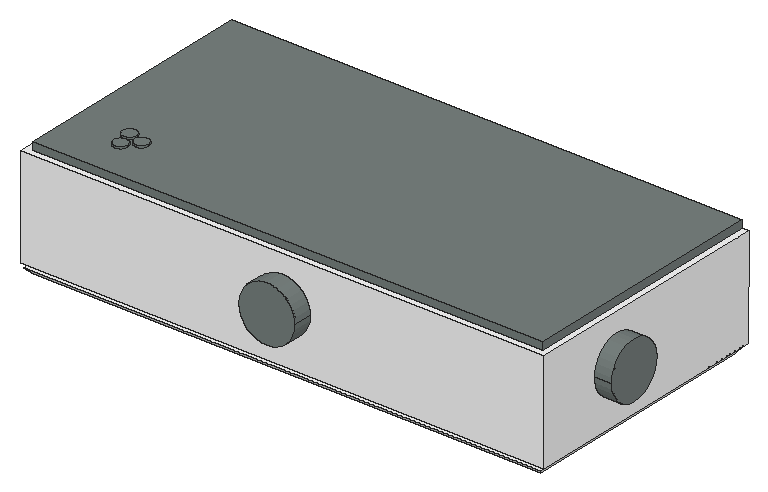
Revit family "AM 150 HHDIDE", category Mechanical Equipment, Revit 2019
Family settings
  Round Connector Dimension = Use Diameter
  Part Type = Normal
  OmniClass Number = 23.75.00.00
  OmniClass Title = Climate Control (HVAC)
  Work Plane-Based = No
  Always vertical = Yes
  Cut with Voids When Loaded = No
  Shared = No
  Room Calculation Point = No
Parameters
  publication date = "09.10.2024"
  Weight (Standard Unit) = 47  # constant formula
  Water Heater Surface Return = 15 mm  # constant formula
  Water Heater Surface IN = 15 mm  # constant formula
  Version number = "1.0"
  URL = "https://www.airmaster-as.com/products/ventilation-units-wall-mounted/am-150"
  Total Width = 1170 mm  # constant formula
  Total Hight = 262 mm  # constant formula
  T-C Duct Supply = 158 mm  # constant formula
  T-C Duct Exhaust = 158 mm  # constant formula
  Supply Air in = 125 mm  # constant formula
  Suply Air In = 160 mm  # constant formula
  Return Air = 125 mm  # constant formula
  R-C Duct Supply = 105 mm  # constant formula
  Phase 1 - Max Power Consumption = "1175 W"
  Phase 1 - Max Current = "7,97 A"
  Nominal current, electrical preheating surface = "4,35 A"
  Nominal current, electrical comfort heating surface = "2,17 A"
  Nominal current, air handling unit = "0,3 A"
  Network Conection = "AWG 24 CAT 5e STP"
  Model = "AM 150 HHDIDE"
  Max. flow rate 35 dB(A) with ePM10 80% filters = 120.00 m³  # constant formula
  Max. flow rate 35 dB(A) with ePM10 55% filters = 137.00 m³  # constant formula
  Max. flow rate 35 dB(A) with ePM10 50% filters = 156.00 m³  # constant formula
  Max. flow rate 30 dB(A) with ePM10 80% filters = 91.00 m³  # constant formula
  Max. flow rate 30 dB(A) with ePM10 55% filters = 98.00 m³  # constant formula
  Max. flow rate 30 dB(A) with ePM10 50% filters = 123.00 m³  # constant formula
  Manufacturer = "Airmaster A/S"
  Maintenance [instance] = no
  L-C Duct Exhaust = 105 mm  # constant formula
  Exhaust Air = 160 mm  # constant formula
  Total Depth = 571 mm  # constant formula
  Electrical connection = "1 ~ 230 V / N / PE / 50 Hz"
  Drawn By = "LSB"
  Condensate = 6 mm  # constant formula
  BMS Panel = "(PTS) 2x2x0,6"
  BMS Out = "(PTS) 2x2x0,6"
  BMS IN = "(PTS) 2x2x0,6"
Reference planes
  plane 1 "Center (Front/Back)": y = 0
  plane 2: z = 0
  plane 3 "Center (Left/Right)": x = 0
  plane 4 "Center L/S": y = -571
  plane 5 "Center L/T": x = -585
  plane 6 "Center L/U": x = 585
  plane 7 "TOP": z = 262
  plane 8 "Center L/V": x = -570
  plane 9 "Center L/W": y = -556
  plane 10 "Center L/X": x = 570
  plane 11 "Panel Buttom": z = 20.747
  plane 12 "Panel Top": z = 246.501
  plane 13 "Hatch": z = 14.5
Forms (mm)
  Extrusion 1, solid, material "AM Grey"
    sketch origin (0, 0, 0) x (1, 0, 0) y (0, 1, 0)
      loop
        line (-570, 0) -> (-570, -556) -> (570, -556) -> (570, 0) -> (-570, 0)
    from 14.5 to 262
  Extrusion 2, solid, material "AM White"
    sketch origin (794.5, -1524, 20.747) x (0, -1, 0) y (-1, 0, 0)
      loop
        line (-1524, 1379.5) -> (-1524, 1364.5) -> (-968, 1364.5) -> (-968, 224.5) -> (-1524, 224.5) -> (-1524, 209.5) -> (-953, 209.5) -> (-953, 1379.5) -> (-1524, 1379.5)
    from 0 to -225.754
  Blend 3, solid, material "AM White"
    base sketch origin (-790.646, -1524, 14.5) x (0, -1, 0) y (1, 0, 0)
      loop
        line (-953, 212.613) -> (-953, 1368.657) -> (-1524, 1368.657) -> (-1524, 212.613) -> (-953, 212.613)
    top sketch origin (-790.646, -1524, 14.5) x (0, -1, 0) y (1, 0, 0)
      loop
        line (-968, 223.963) -> (-968, 1357.646) -> (-1509.161, 1357.646) -> (-1509.161, 223.963) -> (-968, 223.963)
    from 0 to -14.5
  Extrusion 4, solid, material "AM Grey"
    sketch origin (-570, 0, 0) x (1, 0, 0) y (0, 0, -1)
      loop
        circle (1050, -139.501) r 77.16
      loop
        circle (1050, -139.501) r 78
    from 0 to 18.45
  Extrusion 5, solid, material "AM Grey"
    sketch origin (-785, 0, 0) x (1, 0, 0) y (0, 0, -1)
      loop
        circle (305, -134.501) r 78
      loop
        circle (305, -134.501) r 77.16
    from 0 to 18.45
  Extrusion 6, solid, material "Maintenece", visible <- "Maintenance"
    sketch origin (-790.646, -1524, 0) x (1, 0, 0) y (0, -1, 0)
      loop
        line (205.646, -1524) -> (1375.646, -1524) -> (1375.646, -953) -> (205.646, -953) -> (205.646, -1524)
    from 0 to 1200
  Extrusion 7, solid, material "AM Grey"
    sketch origin (-876.982, -12.495, 262) x (1, 0, 0) y (0, 1, 0)
      loop
        circle (423.027, -417.273) r 15.55
    from 0 to 3
  Extrusion 8, solid, material "AM Grey"
    sketch origin (-866.134, 5.874, 262) x (1, 0, 0) y (0, 1, 0)
      loop
        circle (447.132, -446.023) r 15.55
    from 0 to 3
  Extrusion 9, solid, material "AM Grey"
    sketch origin (-855.713, -13.073, 262) x (1, 0, 0) y (0, 1, 0)
      loop
        circle (410.201, -452.535) r 15.55
    from 0 to 3
  Extrusion 10, solid, material "AM Grey"
    sketch origin (585, 0, 20.747) x (0, -1, 0) y (0, 0, -1)
      loop
        circle (369, -122.253) r 62.5
    from 0 to 40
  Extrusion 11, solid, material "AM Grey"
    sketch origin (585, -571, 20.747) x (-1, 0, 0) y (0, 0, -1)
      loop
        circle (585, -122.253) r 62.5
    from 0 to 42
Dimensions and locks
  "Total Depth": plane 4 "Center L/S" to plane 1 "Center (Front/Back)"
  equal spacing: plane 5 "Center L/T", plane 3 "Center (Left/Right)", plane 6 "Center L/U"
  "Total Width": plane 5 "Center L/T" to plane 6 "Center L/U"
  "Total Hight": plane 7 "TOP" to level
  locked: plane 10 "Center L/X" to plane 6 "Center L/U" at 15
  locked: plane 4 "Center L/S" to plane 9 "Center L/W" at 15
  locked: plane 5 "Center L/T" to plane 8 "Center L/V" at 15
  Extrusion 1 to Blend 3 sketch curve = 14.839 mm
  Extrusion 10 sketch curve to plane 1 "Center (Front/Back)" = 369 mm
  Extrusion 11 sketch curve to plane 5 "Center L/T" = 585 mm
  plane 7 "TOP" to Extrusion 11 sketch curve = 119 mm
  Extrusion 5 sketch curve to plane 7 "TOP" = 127.499 mm
  diameter of Extrusion 11 sketch curve = 125 mm
  aligned and locked: level to plane 2
  aligned and locked: plane 1 "Center (Front/Back)" to Extrusion 1 sketch curve
  aligned and locked: plane 8 "Center L/V" to Extrusion 1 sketch curve
  aligned and locked: Extrusion 1 sketch curve to plane 9 "Center L/W"
  aligned and locked: Extrusion 1 sketch curve to plane 10 "Center L/X"
  aligned and locked: plane 7 "TOP" to Extrusion 1
  aligned and locked: plane 5 "Center L/T" to Extrusion 2 sketch curve
  aligned and locked: plane 4 "Center L/S" to Extrusion 2 sketch curve
  aligned and locked: plane 6 "Center L/U" to Extrusion 2 sketch curve
  aligned and locked: Extrusion 2 sketch curve to Extrusion 1  (x3)
  aligned and locked: plane 1 "Center (Front/Back)" to Extrusion 2 sketch curve
  aligned and locked: Extrusion 2 to plane 12 "Panel Top"
  aligned and locked: Blend 3 to plane 2
  aligned and locked: plane 13 "Hatch" to Extrusion 1
Automatic sketch dimensions
  plane 1 "Center (Front/Back)" to Extrusion 2 sketch curve = 0 mm
  plane 1 "Center (Front/Back)" to Blend 3 sketch curve = 0 mm
  plane 4 "Center L/S" to Blend 3 sketch curve = 0 mm
  plane 5 "Center L/T" to Blend 3 sketch curve = 6.967 mm
  Blend 3 sketch curve to plane 6 "Center L/U" = 6.989 mm
  plane 9 "Center L/W" to Blend 3 sketch curve = 0 mm
  plane 8 "Center L/V" to Blend 3 sketch curve = 3.316 mm
  Blend 3 sketch curve to plane 10 "Center L/X" = 3 mm
  Extrusion 6 sketch curve to Blend 3 = 18.316 mm
  Extrusion 6 sketch curve to Blend 3 = 18 mm
  Extrusion 6 sketch curve to Blend 3 = 15 mm
  Extrusion 6 sketch curve to Blend 3 = 14.839 mm
  Extrusion 7 sketch curve to Extrusion 1 = 1023.955 mm
  Extrusion 7 sketch curve to Extrusion 1 = 126.232 mm
  Extrusion 8 sketch curve to Extrusion 1 = 989.002 mm
  Extrusion 8 sketch curve to Extrusion 1 = 115.851 mm
  Extrusion 9 sketch curve to Extrusion 1 = 1015.512 mm
  Extrusion 9 sketch curve to Extrusion 1 = 90.392 mm
  Extrusion 2 to Extrusion 10 sketch curve = 103.501 mm
  Extrusion 5 sketch curve to Extrusion 5 sketch curve = 0 mm  (x2)
  plane 8 "Center L/V" to Extrusion 5 sketch curve = 90 mm
  Extrusion 4 sketch curve to Extrusion 4 sketch curve = 0 mm  (x3)
  Extrusion 4 sketch curve to plane 10 "Center L/X" = 90 mm
  plane 12 "Panel Top" to Extrusion 4 sketch curve = 107 mm
  radius of Extrusion 7 sketch curve = 15.55 mm
  radius of Extrusion 8 sketch curve = 15.55 mm
  radius of Extrusion 9 sketch curve = 15.55 mm
  radius of Extrusion 10 sketch curve = 62.5 mm
  radius of Extrusion 5 sketch curve = 78 mm
  radius of Extrusion 5 sketch curve = 77.16 mm
  radius of Extrusion 4 sketch curve = 77.16 mm
  radius of Extrusion 4 sketch curve = 78 mm
Nested families
  nested 1: "Model Label 2019" at (0, -286.924, 0), Label <- "Model", type "Model Label 2019"
    with Label "AM 150 HHDIDE"
Connectors
  electrical at (-453.955, -429.768, 262)
    settings: on Extrusion 7, index 13, voltage 230 V, apparent load 0 VA, apparent load phase1 0 VA, apparent load phase2 0 VA, apparent load phase3 0 VA, power factor 0.55, load classification "Other", number of poles 1, system type 30, power factor state 1, is connector primary yes, connector utility no, sub classification motor no, connector description ""
  electrical at (-419.002, -440.149, 262), driven by "BMS Out"
    settings: on Extrusion 8, index 14, voltage 0 V, apparent load 0 VA, apparent load phase1 0 VA, apparent load phase2 0 VA, apparent load phase3 0 VA, power factor 1, load classification "Other", number of poles 1, system type 5, power factor state 1, is connector primary no, connector utility no, sub classification motor no, connector description "(PTS) 2x2x0,6"
  electrical at (-445.512, -465.608, 262), driven by "BMS IN"
    settings: on Extrusion 9, index 15, voltage 0 V, apparent load 0 VA, apparent load phase1 0 VA, apparent load phase2 0 VA, apparent load phase3 0 VA, power factor 1, load classification "Other", number of poles 1, system type 5, power factor state 1, is connector primary no, connector utility no, sub classification motor no, connector description "(PTS) 2x2x0,6"
  hvac at (0, -571, 143)
    settings: on Extrusion 11, index 19, duct flow 0.0 L/s, flow factor 0, pres drop 0.0 Pa, loss coef 0, conn angle 0.00°, conn width 304.8 mm, conn height 304.8 mm, conn diameter 125 mm, duct sys type 1, conn prof type 0, flow config 2, flow direction 2, loss method 0, conn ref index -1, conn util no, is conn primary yes, conn desc ""
  hvac at (585, -369, 143), driven by "Return Air"
    settings: on Extrusion 10, index 20, duct flow 0.0 L/s, flow factor 0, pres drop 0.0 Pa, loss coef 0, conn angle 0.00°, conn width 304.8 mm, conn height 304.8 mm, conn diameter 125 mm, duct sys type 2, conn prof type 0, flow config 2, flow direction 1, loss method 0, conn ref index -1, conn util no, is conn primary no, conn desc ""
  hvac at (-480, 0, 134.501), driven by "Exhaust Air"
    settings: on Extrusion 5, index 21, duct flow 0.0 L/s, flow factor 0, pres drop 0.0 Pa, loss coef 0, conn angle 0.00°, conn width 304.8 mm, conn height 304.8 mm, conn diameter 160 mm, duct sys type 3, conn prof type 0, flow config 2, flow direction 2, loss method 0, conn ref index -1, conn util no, is conn primary no, conn desc ""
  hvac at (480, 0, 139.501), driven by "Suply Air In"
    settings: on Extrusion 4, index 22, duct flow 0.0 L/s, flow factor 0, pres drop 0.0 Pa, loss coef 0, conn angle 0.00°, conn width 304.8 mm, conn height 304.8 mm, conn diameter 160 mm, duct sys type 1, conn prof type 0, flow config 2, flow direction 1, loss method 0, conn ref index -1, conn util no, is conn primary no, conn desc ""
Definition of nested family "Model Label 2019"
  Parameters (values of type "Model Label 2019")
    Label [instance] = ""
  Reference planes
    plane 1: y = 0
    plane 2: x = 0
  Text (mm)
    label "Label" at (-0.131, 0.049, 0), shows "Label"
